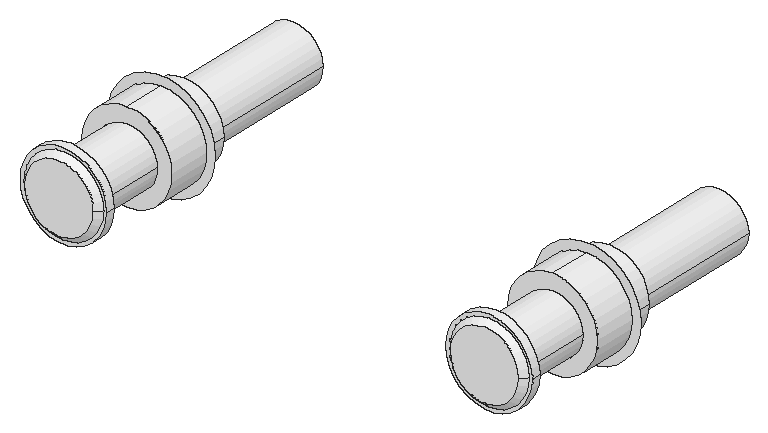
Revit family "NBS_WallgateLtd_WtrSplyFitngsForWshBsnsAndTrghs_PBA050-51-2BA", category Plumbing Fixtures, Revit 2014
Parameters (values of type "PBA050-2BA")
  Weight = "0.40 kg"
  WaterSupplyTemperatureMaximum = "n/a"
  WaterSupplyFittingMaterial = NBS_Concept
  WarrantyStartDate [instance] = "1900-12-31T23:59:59"
  WarrantyGuarantorParts = "n/a"
  WarrantyGuarantorLabor = "n/a"
  WarrantyDurationUnit = "year"
  WarrantyDurationParts = "1"
  WarrantyDurationLabor = "n/a"
  WarrantyDescription = "n/a"
  WallThicknessOptions = "10-85 mm"
  WallThickness [instance] = 25 mm
  Version = "3"  # constant formula
  ValveOperation = "Other"
  ValveMechanism = "Unset"
  Uniclass2 = "45-31-93/491"
  ThirdPartyCertification = "Ministry of Justice Safer Cell Approval"
  TestPressure = "0"
  TagNumber [instance] = "n/a"
  SustainabilityPerformance = "n/a"
  Standards = "n/a"
  Size = "21"
  Shape = "n/a"
  SerialNumber [instance] = "n/a"
  Revision = "n/a"
  ReplacementCost = "n/a"
  Reference = "n/a"
  ProductInformation = "www.wallgate.com/document-centre/docmenu-washroom-controls/docmenu-controls-piezo-activation/doccat-piezo-activation-buttons"
  Operation = "Piezo push button"
  OperatingMechanismMaterial = "n/a"
  NominalWidth = 31 mm
  NominalLength = 98 mm
  NominalHeight = 31 mm
  Name = "WaterSupplyFittingsForBasinsAndTroughs_PBA050-2BA_WallgateLtd"
  NBSTypeID = "n/a"
  NBSReference = "45-35-70/371"
  NBSOfficeMasterTag = "n/a"
  NBSNote = "n/a"
  NBSDescription = "Water supply fittings for wash basins and troughs"
  NBSCertification = "www.nationalbimlibrary.com/cert/vmq3vper"
  ModelReference = "n/a"
  ModelNumber = "PBA050-2BA"
  Material = "n/a"
  ManufacturerURL = "www.wallgate.com"
  ManufacturerName = "Wallgate Ltd"  # constant formula
  Manufacturer = "sales@wallgate.com"
  IntegralAccessoryOptions = "WDC Electronic Controllers, WVPV Vanity Water Valve Pack, WVPB Basin Water Valve Pack, SHB Wall Hung Basin With Exposed Services, MV0001 Thermostatic Mixer Valve, VT1000/2000/3000 Vanity Tops, VBU Undermount Vanity Bowl, WHB-100 Wall Mounted Basin With Concealed Services, VCWHB Vitreous China Wall Hung Basin, ALT-100 Wall Mounted Nozzle, BWN Deck Mounted Basin Water Nozzle"
  IntegralAccessories = "n/a"
  InstallationDate [instance] = "1900-12-31T23:59:59"
  IfcExportType = "FAUCET"  # constant formula
  IfcExportAs = "IfcValveType"  # constant formula
  Grade = "n/a"
  Form = "n/a"
  FlowRateMaximum = "n/a"
  FlowCoefficient = 0
  Finish = "Stainless steel"
  Features = "Anti-ligature design, highly vandal-resistant"
  FaucetType = "Unset"
  FaucetTopDescription = "n/a"
  FaucetOperation = "Unset"
  FaucetFunction = "Unset"
  ExpectedLife = "n/a"
  DurationUnit = "year"
  Description = "Electronic activation dual piezo touch button for basins"
  Constituents = "n/a"
  Color = "n/a"
  CodePerformance = "n/a"
  CloseOffRating = 0
  Category = "n/a"
  CableLength = "4000 mm"
  ButtonCentreToCentre [instance] = 150 mm
  BodyMaterial = "Stainless steel"
  BarCode [instance] = "n/a"
  BIMObjectName = "NBS_WallgateLtd_WaterSupplyFittingsForBasinsAndTroughs_PBA050-2BA"
  Author = "NBS"  # constant formula
  AssetType = "Fixed"
  AssetIdentifier [instance] = "n/a"
  AccessibilityPerformance = "n/a"
Types (3, lengths in mm): name | WallThicknessOptions | NominalLength | Name | ModelNumber | Features | BIMObjectName
  (no name) | "10-85 mm" | 98 | "WaterSupplyFittingsForBasinsAndTroughs_PBA050-2BA_WallgateLtd" | "PBA050-2BA" | "Anti-ligature design, highly vandal-resistant" | "NBS_WallgateLtd_WaterSupplyFittingsForBasinsAndTroughs_PBA050-2BA"
  PBA050-2BA | "10-85 mm" | 98 | "WaterSupplyFittingsForBasinsAndTroughs_PBA050-2BA_WallgateLtd" | "PBA050-2BA" | "Anti-ligature design, highly vandal-resistant" | "NBS_WallgateLtd_WaterSupplyFittingsForBasinsAndTroughs_PBA050-2BA"
  PBA051-2BA | "85-190 mm" | 203 | "WaterSupplyFittingsForBasinsAndTroughs_PBA051-2BA_WallgateLtd" | "PBA051-2BA" | "Anti-ligaturedesign, highly vandal-resistant" | "NBS_WallgateLtd_WaterSupplyFittingsForBasinsAndTroughs_PBA051-2BA"
Reference planes
  plane 1 "Center (Front/Back)": y = 0
  plane 2: z = 0
  plane 3 "Center (Left/Right)": x = 0
  plane 4: x = -75
  plane 5: x = 75
Lines and regions (mm)
  Masking region 1
    outline origin (0, 0, 0) x (0, 1, 0) y (0, 0, 1)
      loop
        line (0, -15.25) -> (0, 15.25) -> (-3, 15.25) -> (-3, 14) -> (-5, 12) -> (-5, -12) -> (-3, -14) -> (-3, -15.25) -> (0, -15.25)
  symbolic lines
    curve 1: line (0, -3, 14) -> (0, -3, -14)
Dimensions and locks
  equal spacing: plane 4, plane 3 "Center (Left/Right)", plane 5
  "ButtonCentreToCentre": plane 4 to plane 5
  aligned and locked: level to plane 2
  aligned and locked: plane 4 to nested 1
  aligned and locked: plane 5 to nested 2
  aligned and locked: plane 1 "Center (Front/Back)" to nested 2
  aligned and locked: plane 1 "Center (Front/Back)" to nested 1
  aligned and locked: plane 2 to nested 1
  aligned and locked: plane 2 to nested 2
Automatic sketch dimensions
  Masking region 1 sketch curve to level = 15.25 mm
  Masking region 1 sketch curve to plane 1 "Center (Front/Back)" = 0 mm
  Masking region 1 sketch curve to Masking region 1 sketch curve = 1.25 mm  (x2)
  Masking region 1 sketch curve to Masking region 1 sketch curve = 2 mm  (x3)
  level to Masking region 1 sketch curve = 12 mm
  curve 1 to level = 14 mm
  level to curve 1 = 14 mm
  plane 1 "Center (Front/Back)" to curve 1 = 3 mm
  plane 1 "Center (Front/Back)" to Masking region 1 sketch curve = 5 mm
  plane 1 "Center (Front/Back)" to Masking region 1 sketch curve = 3 mm
Nested families
  nested 1: "NBS_WallgateLtd_Vlves_PBA0502BA-PBA0512BA" at (-75, 0, 0), WallThickness <- "WallThickness", NominalLength <- "NominalLength", type "NBS_WallgateLtd_Vlves_PBA0502BA-PBA0512BA"
    with WallThickness 25 mm, SpacerRequiredCalc 15 mm, SpacerRequired yes, NominalLength 98 mm
  nested 2: "NBS_WallgateLtd_Vlves_PBA0502BA-PBA0512BA" at (75, 0, 0), WallThickness <- "WallThickness", NominalLength <- "NominalLength", type "NBS_WallgateLtd_Vlves_PBA0502BA-PBA0512BA"
    with WallThickness 25 mm, SpacerRequiredCalc 15 mm, SpacerRequired yes, NominalLength 98 mm
Connectors
  electrical at (-75, 98, 0)
    settings: on nested 1, index 1, voltage 0 V, apparent load 0 VA, apparent load phase1 0 VA, apparent load phase2 0 VA, apparent load phase3 0 VA, power factor 1, load classification "Other", number of poles 1, system type 13, power factor state 1, is connector primary yes, connector utility no, sub classification motor no, connector description "Basin Hot Pushbutton"
  electrical at (75, 98, 0)
    settings: on nested 2, index 2, voltage 0 V, apparent load 0 VA, apparent load phase1 0 VA, apparent load phase2 0 VA, apparent load phase3 0 VA, power factor 1, load classification "Other", number of poles 1, system type 13, power factor state 1, is connector primary no, connector utility no, sub classification motor no, connector description "Basin Cold Pushbutton"
Definition of nested family "NBS_WallgateLtd_Vlves_PBA0502BA-PBA0512BA"
  Parameters (values of type "NBS_WallgateLtd_Vlves_PBA0502BA-PBA0512BA")
    WaterSupplyFittingMaterial = NBS_Concept
    WallThickness [instance] = 25 mm
    SpacerRequiredCalc [instance] = if(WallThickness < 25.1 mm, 15 mm, 0 mm)  # 15 mm
    SpacerRequired [instance] = if(and(WallThickness < 25.1 mm, NominalLength < 99 mm), 0 < 1, 1 < 0)  # yes
    NominalLength [instance] = 98 mm
    Manufacturer = ""
    Description = ""
  Reference planes
    plane 1 "Center (Front/Back)": y = 0
    plane 2: z = 0
    plane 3 "Center (Left/Right)": x = 0
    plane 4 "Face": y = -5
    plane 5 "Wall Thickness": y = 25
    plane 6 "SpacerThickness": y = 40
    plane 7: y = 98
  Forms (mm)
    Extrusion 1, solid, material "NBS_Concept" <- "WaterSupplyFittingMaterial"
      sketch origin (0, 0, 0) x (1, 0, 0) y (0, 0, 1)
        loop
          circle (0, 0) r 10.5
      from 0 to -98
    SweptBlend 2, solid, material "NBS_Concept" <- "WaterSupplyFittingMaterial", detail levels medium+fine
      path origin (0, 0, 0) x (1, 0, 0) y (0, 1, 0)
        loop
          line (0, -3) -> (0, -5)
      profile origin (0, -3, 0) x (1, 0, 0) y (0, 0, 1)
        loop
          circle (0, 0) r 14
      end profile origin (0, -5, 0) x (1, 0, 0) y (0, 0, 1)
        loop
          circle (0, 0) r 12
    Extrusion 3, solid, material "NBS_Concept" <- "WaterSupplyFittingMaterial", visible <- "SpacerRequired", detail levels fine
      sketch origin (0, 25, 0) x (0, 0, 1) y (-1, 0, 0)
        loop
          circle (0, 0) r 15.875
        loop
          circle (0, 0) r 10.5
      from 0 to -15
    SweptBlend 4, solid, material "NBS_Concept" <- "WaterSupplyFittingMaterial", detail levels fine
      path origin (0, 0, 0) x (1, 0, 0) y (0, 1, 0)
        loop
          line (0, 40) -> (0, 42.5)
      profile origin (0, 40, 0) x (-1, 0, 0) y (0, 0, 1)
        loop
          circle (0, 0) r 19
      end profile origin (0, 42.5, 0) x (-1, 0, 0) y (0, 0, 1)
        loop
          circle (0, 0) r 14.5
    Extrusion 5, solid, material "NBS_Concept" <- "WaterSupplyFittingMaterial", detail levels fine
      sketch origin (0, 40, 0) x (-1, 0, 0) y (0, 0, 1)
        loop
          circle (0, 0) r 14
      from 2.5 to 9.9
    Extrusion 6, void
      sketch origin (0, 25, 0) x (0, 0, 1) y (-1, 0, 0)
        loop
          circle (0, 0) r 10.5
      from -73 to 25
    Extrusion 7, solid, material "NBS_Concept" <- "WaterSupplyFittingMaterial"
      sketch origin (0, 0, 0) x (1, 0, 0) y (0, 0, 1)
        loop
          circle (0, 0) r 15.25
      from 0 to 3
  Cuts and joins
    Extrusion 6 cuts Extrusion 3
    Extrusion 6 cuts SweptBlend 4
    Extrusion 6 cuts Extrusion 5
  Lines and regions (mm)
    Masking region 1
      outline origin (0, 25, 0) x (0, 0, 1) y (-1, 0, 0)
        loop
          circle (0, 0) r 15.25
    model lines, detail levels fine
      curve 1: circle (0, -5, 0) r 10.5 normal (0, 1, 0)
    symbolic lines, detail levels fine
      curve 2: circle (0, 25, 0) r 12 normal (0, -1, 0)
      curve 4: circle (0, 0, 0) r 14 normal (0, -1, 0)
      curve 5: circle (0, 0, 0) r 12 normal (0, -1, 0)
    symbolic lines, detail levels medium+fine
      curve 3: circle (0, 0, 0) r 14.75 normal (0, -1, 0)
  Dimensions and locks
    "WallThickness": plane 5 "Wall Thickness" to plane 1 "Center (Front/Back)"
    "SpacerRequiredCalc": plane 5 "Wall Thickness" to plane 6 "SpacerThickness"
    "NominalLength": plane 1 "Center (Front/Back)" to plane 7
    aligned and locked: level to plane 2
    aligned and locked: plane 1 "Center (Front/Back)" to Extrusion 6
    aligned and locked: SweptBlend 4 to plane 6 "SpacerThickness"
    aligned and locked: Extrusion 6 to Extrusion 1
    aligned and locked: Extrusion 1 to plane 7
  Automatic sketch dimensions
    curve 1 to level = 0 mm
    curve 1 to plane 3 "Center (Left/Right)" = 0 mm
    Extrusion 1 sketch curve to level = 0 mm
    Extrusion 1 sketch curve to plane 3 "Center (Left/Right)" = 0 mm
    SweptBlend 2 sketch curve to plane 3 "Center (Left/Right)" = 0 mm
    SweptBlend 2 sketch curve to plane 4 "Face" = 0 mm
    plane 1 "Center (Front/Back)" to SweptBlend 2 sketch curve = 3 mm
    SweptBlend 2 sketch curve to level = 0 mm  (x2)
    profile plane to SweptBlend 2 sketch curve = 0 mm  (x2)
    Extrusion 3 sketch curve to level = 0 mm
    Extrusion 3 sketch curve to plane 3 "Center (Left/Right)" = 0 mm
    SweptBlend 4 sketch curve to level = 0 mm  (x2)
    SweptBlend 4 sketch curve to profile plane = 0 mm  (x2)
    Extrusion 6 sketch curve to level = 0 mm
    Extrusion 6 sketch curve to plane 3 "Center (Left/Right)" = 0 mm
    Extrusion 5 sketch curve to level = 0 mm
    Extrusion 5 sketch curve to plane 3 "Center (Left/Right)" = 0 mm
    SweptBlend 4 sketch curve to plane 3 "Center (Left/Right)" = 0 mm
    SweptBlend 4 sketch curve to plane 6 "SpacerThickness" = 0 mm
    SweptBlend 4 sketch curve to SweptBlend 4 sketch curve = 2.5 mm
    Masking region 1 sketch curve to level = 0 mm
    Masking region 1 sketch curve to plane 3 "Center (Left/Right)" = 0 mm
    curve 2 to level = 0 mm
    curve 2 to plane 3 "Center (Left/Right)" = 0 mm
    Extrusion 3 sketch curve to Extrusion 3 sketch curve = 0 mm  (x2)
    Extrusion 7 sketch curve to level = 0 mm
    Extrusion 7 sketch curve to plane 3 "Center (Left/Right)" = 0 mm
    curve 3 to curve 5 = 0 mm  (x2)
    curve 4 to curve 5 = 0 mm  (x2)
    curve 5 to level = 0 mm
    curve 5 to plane 3 "Center (Left/Right)" = 0 mm
    radius of curve 1 = 10.5 mm
    radius of Extrusion 1 sketch curve = 10.5 mm
    radius of SweptBlend 2 sketch curve = 14 mm
    radius of SweptBlend 2 sketch curve = 12 mm
    radius of Extrusion 3 sketch curve = 15.875 mm
    radius of SweptBlend 4 sketch curve = 19 mm
    radius of SweptBlend 4 sketch curve = 14.5 mm
    radius of Extrusion 6 sketch curve = 10.5 mm
    radius of Extrusion 5 sketch curve = 14 mm
    radius of Masking region 1 sketch curve = 15.25 mm
    radius of curve 2 = 12 mm
    radius of Extrusion 3 sketch curve = 10.5 mm
    radius of Extrusion 7 sketch curve = 15.25 mm
    radius of curve 3 = 14.75 mm
    radius of curve 4 = 14 mm
    radius of curve 5 = 12 mm
